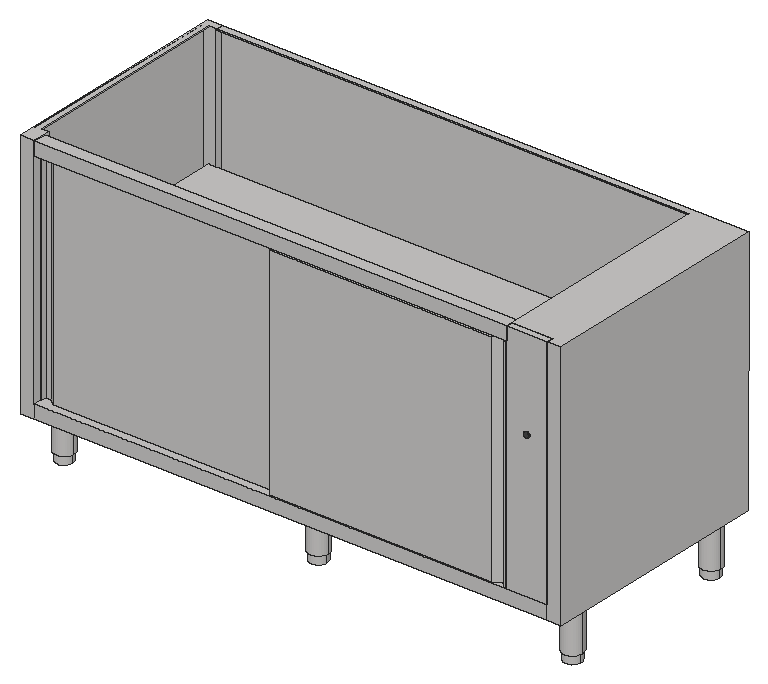
Revit family "QF_ELECTROLUXPROFESSIONAL_133190_RHC1600SD", category Specialty Equipment, Revit 2018
Family settings
  Round Connector Dimension = Use Diameter
  Part Type = Normal
  Work Plane-Based = No
  Always vertical = Yes
  Cut with Voids When Loaded = No
  Shared = No
  Room Calculation Point = No
Parameters
  Weight = 0.00 kg
  Watts = 0 W
  Volts = 220 V
  URL Manufacturer = "http://professional.electrolux.com/"
  URL = "http://professional.electrolux.com/"
  Steam Supply Size = 0 mm
  Steam Supply Minimum Pressure = 0.0 Pa
  Steam Supply Maximum Pressure = 0.0 Pa
  Steam Pounds per Hour = 0
  Show Clearance [instance] = yes
  Refrigeration Suction Line Size = 0 mm
  Refrigeration Liquid Line Size = 0 mm
  Refrigerant Compressor Remote = yes
  Manufacturer = "Electrolux"
  Phase = 0
  Model = "RHC1600SD"
  Length Actual = 1600 mm  # constant formula
  Item Number = "133190"
  Hot Water Size = 0 mm
  Height Actual = 882 mm  # constant formula
  HP = "3.2 HP"
  Gas Size = 0 mm
  Gas KW = 0
  Gas Input Pressure = 0 W
  Direct Waste Size = 0 mm
  Description = "HOT CUPBOARD-NO TOP SLID.DOOR 1600MM"
  Depth Actual = 700 mm  # constant formula
  Cycle = 0 Hz
  Condensate Return Size = 0 mm
  Compressed Air Volume = 0.0 L/s
  Compressed Air Size = 0 mm
  Compressed Air Pressure = 0.0 Pa
  Cold Water Size = 0 mm
  Accessory = yes
Reference planes
  plane 1 "Center (Front/Back)": y = 0
  plane 2: z = 0
  plane 3 "Center (Left/Right)": x = 0
  plane 4: y = 344.5
  plane 5 "Left": x = -794.5
  plane 6 "Right": x = 794.5
  plane 7: y = -344.5
  plane 8: z = 150
  plane 9: z = 883
  plane 10: x = -747.5
  plane 11: x = 747.5
  plane 12: y = 266.5
  plane 13: y = -241.9
Forms (mm)
  Extrusion 1, solid, material "QF_Finishes_Stainless Steel"
    sketch origin (0, 0, 0) x (1, 0, 0) y (0, 1, 0)
      loop
        line (-794.5, 344.5) -> (-794.5, -344.5) -> (-754.5, -344.5) -> (754.5, -344.5) -> (794.5, -344.5) -> (794.5, 344.5) -> (-794.5, 344.5)
    from 150 to 190
  Sweep 2, solid, material "QF_Finishes_Stainless Steel"
    path in 3D
      loop
        line (-794.5, -291.5, 150) -> (-794.5, 324.5, 150)
    profile origin (-794.5, 16.5, 150) x (1, 0, 0) y (0, 0, -1)
      loop
        line (0, -40) -> (0, -733) -> (20, -733) -> (20, -731.5) -> (1.5, -731.5) -> (1.5, -40) -> (0, -40)
  Extrusion 3, solid, material "QF_Finishes_Stainless Steel"
    sketch origin (0, 0, 0) x (1, 0, 0) y (0, 1, 0)
      loop
        line (-794.5, 344.5) -> (-794.5, 324.5) -> (-754.5, 324.5) -> (-754.5, 344.5) -> (-794.5, 344.5)
      loop
        line (-794.5, -344.5) -> (-754.5, -344.5) -> (-754.5, -291.5) -> (-794.5, -291.5) -> (-794.5, -344.5)
      loop
        line (794.5, -344.5) -> (794.5, 344.5) -> (634.5, 344.5) -> (634.5, -324.5) -> (754.5, -324.5) -> (754.5, -344.5) -> (794.5, -344.5)
    from 190 to 883
  Extrusion 4, solid, material "QF_Finishes_Stainless Steel"
    sketch origin (0, 0, 0) x (1, 0, 0) y (0, 1, 0)
      loop
        line (-754.5, -304.5) -> (-754.5, -343.5) -> (634.5, -343.5) -> (634.5, -304.5) -> (-754.5, -304.5)
    from 843 to 881.5
  Extrusion 5, solid, material "QF_Finishes_Stainless Steel"
    sketch origin (0, 0, 0) x (1, 0, 0) y (0, 1, 0)
      loop
        line (-774.5, 324.5) -> (-774.5, -291.5) -> (774.5, -291.5) -> (774.5, 324.5) -> (-774.5, 324.5)
    from 480 to 520.003
  Sweep 6, solid, material "QF_Finishes_Stainless Steel"
    path in 3D
      loop
        line (634.5, 344.5, 150) -> (-754.5, 344.5, 150)
    profile origin (-60, 344.5, 150) x (0, 1, 0) y (0, 0, -1)
      loop
        line (0, -40) -> (-1.5, -40) -> (-1.5, -731.5) -> (-20, -731.5) -> (-20, -733) -> (0, -733) -> (0, -40)
Cuts and joins
  joined: Extrusion 1, Sweep 2, Extrusion 3, Extrusion 4, Extrusion 5, Sweep 6
Lines and regions (mm)
  sketch lines
    curve 1: line (-794.5, -291.5, 150) -> (-794.5, 324.5, 150)
    curve 2: line (634.5, 344.5, 150) -> (-754.5, 344.5, 150)
  symbolic lines
    curve 3: line (-794.5, 344.5, 0) -> (794.5, 344.5, 0)
    curve 4: line (-794.5, -344.5, 0) -> (-794.5, 344.5, 0)
    curve 5: line (794.5, -344.5, 0) -> (-794.5, -344.5, 0)
    curve 6: line (794.5, 344.5, 0) -> (794.5, -344.5, 0)
    curve 7: line (-794.5, -311.5, 0) -> (-60, -311.5, 0)
    curve 8: line (-60, -311.5, 0) -> (-60, -331.5, 0)
    curve 9: line (-60, -331.5, 0) -> (634.5, -331.5, 0)
    curve 10: line (634.5, -331.5, 0) -> (634.5, -344.5, 0)
Dimensions and locks
  equal spacing: plane 5 "Left", plane 3 "Center (Left/Right)", plane 6 "Right"
  equal spacing: plane 4, plane 1 "Center (Front/Back)", plane 7
  plane 9 to plane 8 to level = 733 mm, 150 mm locked
  plane 3 "Center (Left/Right)" to plane 6 "Right" = 794.5 mm
  plane 7 to plane 1 "Center (Front/Back)" = 344.5 mm
  plane 9 to level = 883 mm
  locked: plane 10 to plane 5 "Left" at 47
  locked: plane 6 "Right" to plane 11 at 47
  plane 4 to plane 12 = 78 mm
  locked: plane 13 to plane 7 at 102.6
  aligned and locked: level to plane 2
  aligned and locked: Extrusion 1 to plane 8
  aligned and locked: plane 4 to Extrusion 1
  aligned and locked: Extrusion 1 to plane 5 "Left"
  aligned and locked: plane 6 "Right" to Extrusion 1
  aligned and locked: Extrusion 1 to plane 7
  aligned and locked: plane 11 to nested 3
  aligned and locked: plane 11 to nested 2
  aligned and locked: plane 10 to nested 1
  aligned and locked: plane 10 to nested 4
  aligned and locked: plane 12 to nested 1
  aligned and locked: plane 13 to nested 3
  aligned and locked: plane 13 to nested 4
  aligned and locked: plane 12 to nested 2
Automatic sketch dimensions
  Sweep 2 sketch curve to profile plane = 40 mm
  Sweep 2 sketch curve to profile plane = 731.5 mm
  Sweep 2 sketch curve to Sweep 2 sketch curve = 1.5 mm
  Sweep 2 sketch curve to profile plane = 1.5 mm
  Sweep 2 sketch curve to Sweep 2 sketch curve = 18.5 mm
  profile plane to Sweep 2 sketch curve = 0 mm
  Extrusion 1 sketch curve to plane 5 "Left" = 0 mm
  Extrusion 1 sketch curve to plane 7 = 0 mm  (x3)
  Extrusion 1 sketch curve to plane 6 "Right" = 0 mm
  Extrusion 1 sketch curve to plane 4 = 0 mm
  Extrusion 1 sketch curve to plane 10 = 7 mm
  Extrusion 1 sketch curve to Extrusion 1 sketch curve = 0 mm  (x2)
  plane 11 to Extrusion 1 sketch curve = 7 mm
  plane 7 to Extrusion 4 sketch curve = 1 mm
  Extrusion 4 sketch curve to plane 10 = 7 mm
  Extrusion 4 sketch curve to plane 11 = 113 mm
  Extrusion 4 sketch curve to Extrusion 4 sketch curve = 39 mm
  plane 5 "Left" to Extrusion 5 sketch curve = 20 mm
  Extrusion 5 sketch curve to plane 6 "Right" = 20 mm
  plane 7 to Extrusion 5 sketch curve = 53 mm
  Extrusion 5 sketch curve to plane 4 = 20 mm
  Sweep 6 sketch curve to profile plane = 0 mm
  profile plane to Sweep 6 sketch curve = 1.5 mm
  Sweep 6 sketch curve to Sweep 6 sketch curve = 18.5 mm
  Sweep 6 sketch curve to profile plane = 733 mm
  Sweep 6 sketch curve to Sweep 6 sketch curve = 1.5 mm
  Sweep 6 sketch curve to profile plane = 40 mm
  Extrusion 3 sketch curve to plane 4 = 0 mm  (x2)
  Extrusion 3 sketch curve to plane 5 "Left" = 0 mm  (x2)
  Extrusion 3 sketch curve to plane 7 = 0 mm  (x2)
  Extrusion 3 sketch curve to plane 6 "Right" = 0 mm
  Extrusion 3 sketch curve to plane 10 = 7 mm  (x2)
  plane 7 to Extrusion 3 sketch curve = 20 mm
  Extrusion 3 sketch curve to plane 11 = 113 mm
  plane 11 to Extrusion 3 sketch curve = 7 mm
  plane 13 to Extrusion 3 sketch curve = 49.6 mm
  Extrusion 3 sketch curve to plane 4 = 20 mm
  curve 3 to plane 4 = 0 mm
  curve 3 to plane 5 "Left" = 0 mm
  curve 10 to plane 7 = 0 mm
  curve 6 to plane 6 "Right" = 0 mm
  plane 7 to curve 8 = 13 mm
  curve 8 to plane 3 "Center (Left/Right)" = 60 mm
  curve 8 to curve 8 = 20 mm
  curve 10 to plane 11 = 113 mm
Nested families
  nested 1: "Foot_Ø50_H150" at (-747.5, 266.5, 0), type "Foot_Ø50_H150"
  nested 2: "Foot_Ø50_H150" at (747.5, 266.5, 0), type "Foot_Ø50_H150"
  nested 3: "Foot_Ø50_H150" at (747.5, -241.9, 0), type "Foot_Ø50_H150"
  nested 4: "Foot_Ø50_H150" at (-747.5, -241.9, 0), type "Foot_Ø50_H150"
  nested 5: "Comand Panel" at (694.5, -324.5, 536.5) x (1, 0, 0) z (0, -1, 0), type "Comand Panel"
    with Show Clearance yes, L 120 mm, H 693 mm
  nested 6: "Sun" at (794.5, -344.5, 0), type "Sun"
  nested 7: "Sliding Door" at (-60, -304.5, 516.5) x (-1, 0, 0) z (0, -1, 0), type "Sliding Door"
    with L 1383 mm, H 647 mm
  nested 8: "Foot_Ø50_H150" at (0, 266.5, 0), type "Foot_Ø50_H150"
  nested 9: "Foot_Ø50_H150" at (0, -241.9, 0), type "Foot_Ø50_H150"
Definition of nested family "Foot_Ø50_H150"
  Reference planes
    plane 1 "Centro (Fronte/Retro)": y = 0
    plane 2: z = 0
    plane 3 "Centro (Sinistra/Destra)": x = 0
    plane 4: z = 150
  Forms (mm)
    Revolve 1, solid
      sketch origin (255.05, 0, 608.09) x (0, 0, 1) y (-1, 0, 0)
        loop
          line (-608.09, 255.05) -> (-608.09, 230.05) -> (-583.09, 230.05) -> (-583.09, 226.05) -> (-458.09, 226.05) -> (-458.09, 255.05) -> (-608.09, 255.05)
        axis (-608.09, 255.05) -> (-458.09, 255.05)
      angle from 0 to 360
  Dimensions and locks
    locked: Revolve 1 sketch curve to Revolve 1 sketch curve at 125
    aligned and locked: level to plane 2
    aligned and locked: plane 4 to Revolve 1 sketch curve
    aligned and locked: Revolve 1 sketch curve to level
    aligned and locked: plane 3 "Centro (Sinistra/Destra)" to Revolve 1 sketch curve
Definition of nested family "Comand Panel"
  Parameters
    Show Clearance [instance] = yes
    L [instance] = 120 mm
    H [instance] = 650 mm
    Default Elevation = 1219.2 mm
  Reference planes
    plane 1 "Centro (Fronte/Retro)": y = 0
    plane 2: z = 0
    plane 3 "Centro (Sinistra/Destra)": x = 0
    plane 4: x = 60
    plane 5: y = 325
    plane 6: y = -325
    plane 7 "1": z = 20
    plane 8: x = -60
    plane 9: y = 242.5
    plane 10: y = 247.5
  Forms (mm)
    Extrusion 1, solid
      sketch origin (0, 0, 0) x (1, 0, 0) y (0, 1, 0)
        loop
          line (-1219.2, 1219.2) -> (-1219.2, -1219.2) -> (1219.2, -1219.2) -> (1219.2, 1219.2) -> (-1219.2, 1219.2)
      from 0 to -304.8
    Extrusion 2, solid
      sketch origin (500, 0, 20) x (-1, 0, 0) y (0, -1, 0)
        loop
          line (560, -325) -> (560, -242.5) -> (560, 325) -> (440, 325) -> (440, -242.5) -> (440, -325) -> (560, -325)
      from -20 to 0
    Extrusion 3, solid
      sketch origin (0.625, 75, 0) x (1, 0, 0) y (0, 1, 0)
        loop
          circle (-0.504, 5.972) r 8
      from 20 to 22.04
  Lines and regions (mm)
    Split face 1
      outline origin (500, -27.5, 20) x (-1, 0, 0) y (0, -1, 0)
        loop
          arc (540, -165.73) -> (543.536, -164.265) -> (545, -160.73) r 5
          line (545, -160.73) -> (545, -135.73)
          arc (545, -135.73) -> (543.536, -132.194) -> (540, -130.73) r 5
          line (540, -130.73) -> (460, -130.73)
          arc (460, -130.73) -> (456.464, -132.194) -> (455, -135.73) r 5
          line (455, -135.73) -> (455, -160.73)
          arc (455, -160.73) -> (456.464, -164.265) -> (460, -165.73) r 5
          line (460, -165.73) -> (540, -165.73)
    Split face 2
      outline origin (500, 0, 20) x (-1, 0, 0) y (0, -1, 0)
        loop
          line (512.239, -93.169) -> (512.239, -68.169) -> (487.239, -68.169) -> (487.239, -93.169) -> (512.239, -93.169)
    Split face 3
      outline origin (500, -7.5, 20) x (-1, 0, 0) y (0, -1, 0)
        loop
          line (552, -237.81) -> (552, -227.81) -> (448, -227.81) -> (448, -237.81) -> (552, -237.81)
    Split face 4
      outline origin (500, -19.954, 20) x (-1, 0, 0) y (0, -1, 0)
        loop
          line (552, -237.81) -> (552, -227.81) -> (448, -227.81) -> (448, -237.81) -> (552, -237.81)
    Split face 5
      outline origin (500, -32.408, 20) x (-1, 0, 0) y (0, -1, 0)
        loop
          line (552, -237.81) -> (552, -227.81) -> (448, -227.81) -> (448, -237.81) -> (552, -237.81)
    Split face 6
      outline origin (500, -44.862, 20) x (-1, 0, 0) y (0, -1, 0)
        loop
          line (552, -237.81) -> (552, -227.81) -> (448, -227.81) -> (448, -237.81) -> (552, -237.81)
    Split face 7
      outline origin (500, -57.316, 20) x (-1, 0, 0) y (0, -1, 0)
        loop
          line (552, -237.81) -> (552, -227.81) -> (448, -227.81) -> (448, -237.81) -> (552, -237.81)
    Split face 8
      outline origin (500, -69.77, 20) x (-1, 0, 0) y (0, -1, 0)
        loop
          line (552, -237.81) -> (552, -227.81) -> (448, -227.81) -> (448, -237.81) -> (552, -237.81)
    Split face 9
      outline origin (500, -192.5, 20) x (-1, 0, 0) y (0, -1, 0)
        loop
          line (552, -237.81) -> (552, -227.81) -> (448, -227.81) -> (448, -237.81) -> (552, -237.81)
    Split face 10
      outline origin (500, -204.954, 20) x (-1, 0, 0) y (0, -1, 0)
        loop
          line (552, -87.81) -> (552, -77.81) -> (448, -77.81) -> (448, -87.81) -> (552, -87.81)
    Split face 11
      outline origin (500, -217.408, 20) x (-1, 0, 0) y (0, -1, 0)
        loop
          line (552, -87.81) -> (552, -77.81) -> (448, -77.81) -> (448, -87.81) -> (552, -87.81)
    Split face 12
      outline origin (500, -229.862, 20) x (-1, 0, 0) y (0, -1, 0)
        loop
          line (552, -87.81) -> (552, -77.81) -> (448, -77.81) -> (448, -87.81) -> (552, -87.81)
    Split face 13
      outline origin (500, -242.316, 20) x (-1, 0, 0) y (0, -1, 0)
        loop
          line (552, -87.81) -> (552, -77.81) -> (448, -77.81) -> (448, -87.81) -> (552, -87.81)
    Split face 14
      outline origin (500, -254.77, 20) x (-1, 0, 0) y (0, -1, 0)
        loop
          line (552, -87.81) -> (552, -77.81) -> (448, -77.81) -> (448, -87.81) -> (552, -87.81)
    Split face 15
      outline origin (500, -267.224, 20) x (-1, 0, 0) y (0, -1, 0)
        loop
          line (552, -87.81) -> (552, -77.81) -> (448, -77.81) -> (448, -87.81) -> (552, -87.81)
    Split face 16
      outline origin (500, -279.678, 20) x (-1, 0, 0) y (0, -1, 0)
        loop
          line (552, -87.81) -> (552, -77.81) -> (448, -77.81) -> (448, -87.81) -> (552, -87.81)
    Split face 17
      outline origin (500, -292.132, 20) x (-1, 0, 0) y (0, -1, 0)
        loop
          line (552, -87.81) -> (552, -77.81) -> (448, -77.81) -> (448, -87.81) -> (552, -87.81)
    Split face 18
      outline origin (500, -304.586, 20) x (-1, 0, 0) y (0, -1, 0)
        loop
          line (552, -87.81) -> (552, -77.81) -> (448, -77.81) -> (448, -87.81) -> (552, -87.81)
    Split face 19
      outline origin (500, -317.04, 20) x (-1, 0, 0) y (0, -1, 0)
        loop
          line (552, -87.81) -> (552, -77.81) -> (448, -77.81) -> (448, -87.81) -> (552, -87.81)
    Split face 20
      outline origin (500, -329.494, 20) x (-1, 0, 0) y (0, -1, 0)
        loop
          line (552, -87.81) -> (552, -77.81) -> (448, -77.81) -> (448, -87.81) -> (552, -87.81)
    Split face 21
      outline origin (500, -341.948, 20) x (-1, 0, 0) y (0, -1, 0)
        loop
          line (552, -87.81) -> (552, -77.81) -> (448, -77.81) -> (448, -87.81) -> (552, -87.81)
    Split face 22
      outline origin (500, -354.402, 20) x (-1, 0, 0) y (0, -1, 0)
        loop
          line (552, -87.81) -> (552, -77.81) -> (448, -77.81) -> (448, -87.81) -> (552, -87.81)
    Split face 23
      outline origin (500, -366.856, 20) x (-1, 0, 0) y (0, -1, 0)
        loop
          line (552, -87.81) -> (552, -77.81) -> (448, -77.81) -> (448, -87.81) -> (552, -87.81)
    Split face 24
      outline origin (500, -379.31, 20) x (-1, 0, 0) y (0, -1, 0)
        loop
          line (552, -87.81) -> (552, -77.81) -> (448, -77.81) -> (448, -87.81) -> (552, -87.81)
    Split face 25
      outline origin (500, -54.954, 20) x (-1, 0, 0) y (0, -1, 0)
        loop
          line (552, -87.81) -> (552, -77.81) -> (448, -77.81) -> (448, -87.81) -> (552, -87.81)
    Split face 26
      outline origin (500, -67.408, 20) x (-1, 0, 0) y (0, -1, 0)
        loop
          line (552, -87.81) -> (552, -77.81) -> (448, -77.81) -> (448, -87.81) -> (552, -87.81)
    Split face 27
      outline origin (500, -79.862, 20) x (-1, 0, 0) y (0, -1, 0)
        loop
          line (552, -87.81) -> (552, -77.81) -> (448, -77.81) -> (448, -87.81) -> (552, -87.81)
    Split face 28
      outline origin (500, -92.316, 20) x (-1, 0, 0) y (0, -1, 0)
        loop
          line (552, -87.81) -> (552, -77.81) -> (448, -77.81) -> (448, -87.81) -> (552, -87.81)
    Split face 29
      outline origin (500, -104.77, 20) x (-1, 0, 0) y (0, -1, 0)
        loop
          line (552, -87.81) -> (552, -77.81) -> (448, -77.81) -> (448, -87.81) -> (552, -87.81)
    Split face 30
      outline origin (500, -117.224, 20) x (-1, 0, 0) y (0, -1, 0)
        loop
          line (552, -87.81) -> (552, -77.81) -> (448, -77.81) -> (448, -87.81) -> (552, -87.81)
    Split face 31
      outline origin (500, -129.678, 20) x (-1, 0, 0) y (0, -1, 0)
        loop
          line (552, -87.81) -> (552, -77.81) -> (448, -77.81) -> (448, -87.81) -> (552, -87.81)
    Split face 32
      outline origin (500, -142.132, 20) x (-1, 0, 0) y (0, -1, 0)
        loop
          line (552, -87.81) -> (552, -77.81) -> (448, -77.81) -> (448, -87.81) -> (552, -87.81)
    Split face 33
      outline origin (500, -154.586, 20) x (-1, 0, 0) y (0, -1, 0)
        loop
          line (552, -87.81) -> (552, -77.81) -> (448, -77.81) -> (448, -87.81) -> (552, -87.81)
    Split face 34
      outline origin (500, -167.04, 20) x (-1, 0, 0) y (0, -1, 0)
        loop
          line (552, -87.81) -> (552, -77.81) -> (448, -77.81) -> (448, -87.81) -> (552, -87.81)
    Split face 35
      outline origin (500, -179.494, 20) x (-1, 0, 0) y (0, -1, 0)
        loop
          line (552, -87.81) -> (552, -77.81) -> (448, -77.81) -> (448, -87.81) -> (552, -87.81)
    Split face 36
      outline origin (500, -191.948, 20) x (-1, 0, 0) y (0, -1, 0)
        loop
          line (552, -87.81) -> (552, -77.81) -> (448, -77.81) -> (448, -87.81) -> (552, -87.81)
  Dimensions and locks
    equal spacing: plane 5, plane 1 "Centro (Fronte/Retro)", plane 6
    "H": plane 5 to plane 6
    level to plane 7 "1" = 20 mm
    equal spacing: plane 8, plane 3 "Centro (Sinistra/Destra)", plane 4
    "L": plane 8 to plane 4
    locked: plane 10 to plane 9 at 5
    locked: plane 5 to plane 10 at 77.5
    aligned and locked: plane 2 to Extrusion 1
    aligned and locked: level to Extrusion 1
    aligned and locked: Extrusion 2 sketch curve to plane 5
    aligned and locked: Extrusion 2 sketch curve to plane 8  (x2)
    aligned and locked: Extrusion 2 sketch curve to plane 4  (x2)
    aligned and locked: plane 6 to Extrusion 2 sketch curve
    aligned and locked: Extrusion 2 to level
    aligned and locked: plane 7 "1" to Extrusion 2
    aligned and locked: Extrusion 3 to plane 7 "1"
  Automatic sketch dimensions
    Extrusion 1 sketch curve to Extrusion 1 sketch curve = 2438.4 mm  (x2)
    Split face 1 sketch curve to Split face 1 sketch curve = 5 mm  (x3)
    Split face 1 sketch curve to Split face 1 sketch curve = 25 mm
    Split face 2 sketch curve to Split face 2 sketch curve = 25 mm  (x2)
    Split face 3 sketch curve to Split face 3 sketch curve = 10 mm
    Split face 4 sketch curve to Split face 4 sketch curve = 10 mm
    Split face 5 sketch curve to Split face 5 sketch curve = 10 mm
    Split face 6 sketch curve to Split face 6 sketch curve = 10 mm
    Split face 7 sketch curve to Split face 7 sketch curve = 10 mm
    Split face 8 sketch curve to Split face 8 sketch curve = 10 mm
    Split face 9 sketch curve to Split face 9 sketch curve = 10 mm
    Split face 10 sketch curve to Split face 10 sketch curve = 10 mm
    Split face 11 sketch curve to Split face 11 sketch curve = 10 mm
    Split face 12 sketch curve to Split face 12 sketch curve = 10 mm
    Split face 13 sketch curve to Split face 13 sketch curve = 10 mm
    Split face 14 sketch curve to Split face 14 sketch curve = 10 mm
    Split face 15 sketch curve to Split face 15 sketch curve = 10 mm
    Split face 16 sketch curve to Split face 16 sketch curve = 10 mm
    Split face 17 sketch curve to Split face 17 sketch curve = 10 mm
    Split face 18 sketch curve to Split face 18 sketch curve = 10 mm
    Split face 19 sketch curve to Split face 19 sketch curve = 10 mm
    Split face 20 sketch curve to Split face 20 sketch curve = 10 mm
    Split face 21 sketch curve to Split face 21 sketch curve = 10 mm
    Split face 22 sketch curve to Split face 22 sketch curve = 10 mm
    Split face 23 sketch curve to Split face 23 sketch curve = 10 mm
    Split face 24 sketch curve to Split face 24 sketch curve = 10 mm
    plane 3 "Centro (Sinistra/Destra)" to Extrusion 3 sketch curve = 0.121 mm
    Extrusion 3 sketch curve to plane 1 "Centro (Fronte/Retro)" = 80.972 mm
    Split face 25 sketch curve to Split face 25 sketch curve = 10 mm
    Split face 26 sketch curve to Split face 26 sketch curve = 10 mm
    Split face 27 sketch curve to Split face 27 sketch curve = 10 mm
    Split face 28 sketch curve to Split face 28 sketch curve = 10 mm
    Split face 29 sketch curve to Split face 29 sketch curve = 10 mm
    Split face 30 sketch curve to Split face 30 sketch curve = 10 mm
    Split face 31 sketch curve to Split face 31 sketch curve = 10 mm
    Split face 32 sketch curve to Split face 32 sketch curve = 10 mm
    Split face 33 sketch curve to Split face 33 sketch curve = 10 mm
    Split face 34 sketch curve to Split face 34 sketch curve = 10 mm
    Split face 35 sketch curve to Split face 35 sketch curve = 10 mm
    Split face 36 sketch curve to Split face 36 sketch curve = 10 mm
    Split face 1 sketch curve to Split face 1 sketch curve = 80 mm
    Split face 1 sketch curve to Split face 1 sketch curve = 0 mm
    Split face 3 sketch curve to Split face 3 sketch curve = 104 mm
    Split face 4 sketch curve to Split face 4 sketch curve = 104 mm
    Split face 5 sketch curve to Split face 5 sketch curve = 104 mm
    Split face 6 sketch curve to Split face 6 sketch curve = 104 mm
    Split face 7 sketch curve to Split face 7 sketch curve = 104 mm
    Split face 8 sketch curve to Split face 8 sketch curve = 104 mm
    Split face 9 sketch curve to Split face 9 sketch curve = 104 mm
    Split face 10 sketch curve to Split face 10 sketch curve = 104 mm
    Split face 11 sketch curve to Split face 11 sketch curve = 104 mm
    Split face 12 sketch curve to Split face 12 sketch curve = 104 mm
    Split face 13 sketch curve to Split face 13 sketch curve = 104 mm
    Split face 14 sketch curve to Split face 14 sketch curve = 104 mm
    Split face 15 sketch curve to Split face 15 sketch curve = 104 mm
    Split face 16 sketch curve to Split face 16 sketch curve = 104 mm
    Split face 17 sketch curve to Split face 17 sketch curve = 104 mm
    Split face 18 sketch curve to Split face 18 sketch curve = 104 mm
    Split face 19 sketch curve to Split face 19 sketch curve = 104 mm
    Split face 20 sketch curve to Split face 20 sketch curve = 104 mm
    Split face 21 sketch curve to Split face 21 sketch curve = 104 mm
    Split face 22 sketch curve to Split face 22 sketch curve = 104 mm
    Split face 23 sketch curve to Split face 23 sketch curve = 104 mm
    Split face 24 sketch curve to Split face 24 sketch curve = 104 mm
    Split face 25 sketch curve to Split face 25 sketch curve = 104 mm
    Split face 26 sketch curve to Split face 26 sketch curve = 104 mm
    Split face 27 sketch curve to Split face 27 sketch curve = 104 mm
    Split face 28 sketch curve to Split face 28 sketch curve = 104 mm
    Split face 29 sketch curve to Split face 29 sketch curve = 104 mm
    Split face 30 sketch curve to Split face 30 sketch curve = 104 mm
    Split face 31 sketch curve to Split face 31 sketch curve = 104 mm
    Split face 32 sketch curve to Split face 32 sketch curve = 104 mm
    Split face 33 sketch curve to Split face 33 sketch curve = 104 mm
    Split face 34 sketch curve to Split face 34 sketch curve = 104 mm
    Split face 35 sketch curve to Split face 35 sketch curve = 104 mm
    Split face 36 sketch curve to Split face 36 sketch curve = 104 mm
    Extrusion 2 sketch curve to plane 9 = 0 mm  (x2)
    radius of Extrusion 3 sketch curve = 8 mm
Definition of nested family "Sliding Door"
  Parameters
    L [instance] = 468 mm
    H [instance] = 560 mm
    Default Elevation = 1219.2 mm
  Reference planes
    plane 1 "Centro (Fronte/Retro)": y = 0
    plane 2: z = 0
    plane 3 "Centro (Sinistra/Destra)": x = 0
    plane 4: y = 280
    plane 5: y = -280
    plane 6: x = 234
    plane 7: x = -234
  Forms (mm)
    Extrusion 1, solid
      sketch origin (0, 0, 0) x (1, 0, 0) y (0, 1, 0)
        loop
          line (-1219.2, 1219.2) -> (-1219.2, -1219.2) -> (1219.2, -1219.2) -> (1219.2, 1219.2) -> (-1219.2, 1219.2)
      from 0 to -304.8
    Extrusion 2, solid
      sketch origin (-234, 0, 20) x (-1, 0, 0) y (0, 0, -1)
        loop
          line (-234, 0) -> (-234, -20) -> (-39.641, -20) -> (-19.162, -5.661) -> (-5, -5.661) -> (-5, -20) -> (0, -20) -> (0, 0) -> (-234, 0)
      from -280 to 280
    Extrusion 3, solid
      sketch origin (234, 0, 0) x (1, 0, 0) y (0, 0, 1)
        loop
          line (-234, 0) -> (0, 0) -> (0, 20) -> (-5, 20) -> (-5, 5.661) -> (-19.162, 5.661) -> (-39.641, 20) -> (-234, 20) -> (-234, 0)
      from -280 to 280
  Dimensions and locks
    equal spacing: plane 4, plane 1 "Centro (Fronte/Retro)", plane 5
    "H": plane 4 to plane 5
    "L": plane 6 to plane 7
    locked: Extrusion 2 sketch curve to Extrusion 2 sketch curve at 5
    locked: Extrusion 2 sketch curve to Extrusion 2 sketch curve at 14.162
    locked: Extrusion 2 sketch curve to Extrusion 2 sketch curve at 39.641
    locked: Extrusion 3 sketch curve to Extrusion 3 sketch curve at 5
    locked: Extrusion 3 sketch curve to Extrusion 3 sketch curve at 14.162
    locked: Extrusion 3 sketch curve to Extrusion 3 sketch curve at 39.641
    equal spacing: plane 7, plane 3 "Centro (Sinistra/Destra)", plane 6
    aligned and locked: plane 2 to Extrusion 1
    aligned and locked: level to Extrusion 1
    aligned and locked: plane 4 to Extrusion 2
    aligned and locked: Extrusion 2 to plane 5
    aligned and locked: Extrusion 3 to plane 5
    aligned and locked: plane 4 to Extrusion 3
  Automatic sketch dimensions
    Extrusion 1 sketch curve to Extrusion 1 sketch curve = 2438.4 mm  (x2)
    Extrusion 2 sketch curve to plane 3 "Centro (Sinistra/Destra)" = 0 mm
    plane 7 to Extrusion 2 sketch curve = 0 mm
    Extrusion 2 sketch curve to Extrusion 2 sketch curve = 14.339 mm  (x2)
    Extrusion 3 sketch curve to plane 3 "Centro (Sinistra/Destra)" = 0 mm
    Extrusion 3 sketch curve to plane 6 = 0 mm
    Extrusion 3 sketch curve to Extrusion 3 sketch curve = 14.339 mm
    level to Extrusion 2 sketch curve = 40 mm
    Extrusion 2 sketch curve to Extrusion 2 sketch curve = 20 mm
    Extrusion 3 sketch curve to level = 0 mm
    level to Extrusion 3 sketch curve = 5.661 mm
    level to Extrusion 3 sketch curve = 20 mm
Definition of nested family "Sun"
  Reference planes
    plane 1 "Center (Front/Back)": y = 0
    plane 2: z = 0
    plane 3 "Center (Left/Right)": x = 0
  Lines and regions (mm)
    detail lines, in view "Ref. Level"
      curve 1: spline (-500, 190, 0) -> (-493.185, 166.706, 0) -> (-473.205, 145, 0) -> (-441.421, 126.36, 0) -> (-400, 112.058, 0) -> (-351.764, 103.067, 0) -> (-300, 100, 0) -> (-248.236, 103.067, 0) -> (-200, 112.058, 0) -> (-158.579, 126.36, 0) -> (-126.795, 145, 0) -> (-106.815, 166.706, 0) -> (-100, 190, 0) -> (-106.815, 213.294, 0) -> (-126.795, 235, 0) -> (-158.579, 253.64, 0) -> (-200, 267.942, 0) -> (-248.236, 276.933, 0) -> (-300, 280, 0) -> (-351.764, 276.933, 0) -> (-400, 267.942, 0) -> (-441.421, 253.64, 0) -> (-473.205, 235, 0) -> (-493.185, 213.294, 0) -> (-500, 190, 0)
      curve 2: circle (-300, 190, 0) r 35 normal (0, 0, 1)
      curve 3: line (-318, 221.177, 0) -> (-330, 241.962, 0)
      curve 4: line (-300, 226, 0) -> (-300, 250, 0)
      curve 5: line (-282, 221.177, 0) -> (-270, 241.962, 0)
      curve 6: line (-268.823, 208, 0) -> (-248.038, 220, 0)
      curve 7: line (-264, 190, 0) -> (-240, 190, 0)
      curve 8: line (-268.823, 172, 0) -> (-248.038, 160, 0)
      curve 9: line (-282, 158.823, 0) -> (-270, 138.038, 0)
      curve 10: line (-300, 154, 0) -> (-300, 130, 0)
      curve 11: line (-318, 158.823, 0) -> (-330, 138.038, 0)
      curve 12: line (-331.177, 172, 0) -> (-351.962, 160, 0)
      curve 13: line (-336, 190, 0) -> (-360, 190, 0)
      curve 14: line (-331.177, 208, 0) -> (-351.962, 220, 0)
